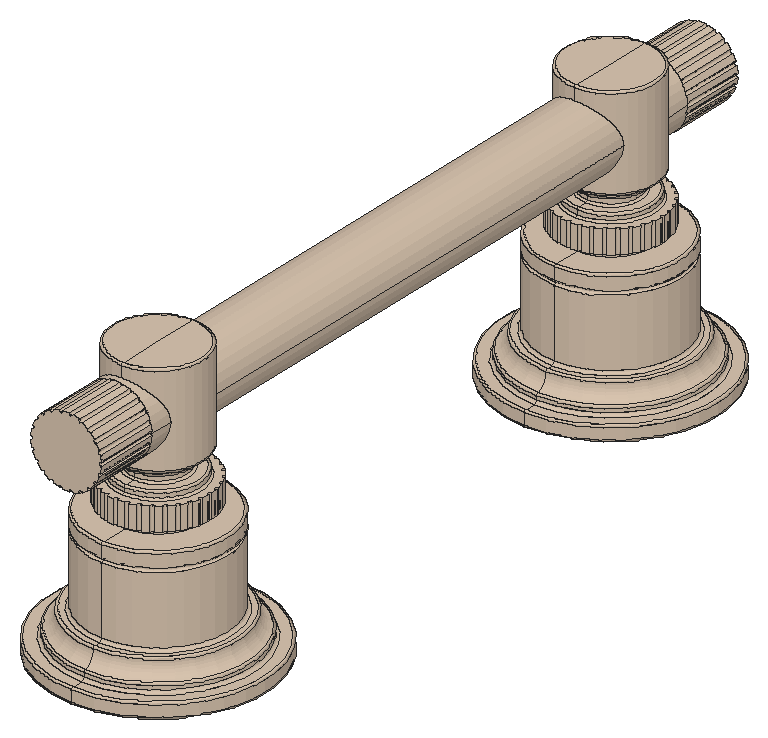
Revit family "Accessory-Door_Handle-KALLISTA-CENTRAL_PARK_WEST-P31487_1", category Specialty Equipment, host Face, Revit 2022
Family settings
  Host = Face
  Round Connector Dimension = Use Diameter
  Part Type = Normal
  OmniClass Number = 23.31.25.00
  OmniClass Title = Toilet and Bath Specialties
  Cut with Voids When Loaded = No
  Maintain Annotation Orientation = No
  Shared = No
  Room Calculation Point = No
Parameters (values of type "BAF-Brushed French Gold")
  Width = 2 73/256"  # constant formula
  WaterSense Certified = 1 = 0  # no
  URL = "https://www.kallista.com/"
  Type = 1
  Product Page URL = "https://www.kallista.com/bathroom/showering/shower-fittings/central-park-west-shower-door-handle-pull-6-p31487-pl-cp"
  Product Name = "CENTRAL PARK WEST"  # constant formula
  Product Documentation Link = "https://resources.kohler.com/interiors/kallista/pdf/1377365-4.pdf"
  Model = if(Type = 1, "P31487-PL-BAF", if(Type = 2, "P31487-PL-BN", if(Type = 3, "P31487-PL-BV", if(Type = 4, "P31487-PL-CP", if(Type = 5, "P31487-PL-SN", if(Type = 6, "P31487-PL-ULB", "NA"))))))  # "P31487-PL-BAF"
  Material = "Brass Construction"  # constant formula
  Master Format 2014 Name = "Toilet, Bath, and Laundry Accessories"  # constant formula
  Master Format 2014 = "10 28 00"  # constant formula
  Manufacturer Address = "444 Highland Dr, Kohler, WI 53044"  # constant formula
  Manufacturer = "KALLISTA Co."  # constant formula
  Length = 2 61/64"  # constant formula
  Height = 8 109/256"  # constant formula
  Finish = Kallista-Metal-BAF-Brushed_French_Gold
  Environmental Product Declaration = ""
  Description = "SHOWER DOOR HANDLE PULL, 6 INCH"  # constant formula
  Default Elevation = 42"
  Declare Label = ""
  Date Modified = "03/28/2022"  # constant formula
  Date Created = "03/28/2022"  # constant formula
  Copyright = "Copyright KALLISTA Co."  # constant formula
  Contact Us = "https://www.kallista.com/corporate/contact-us/"
  Assembly Code = "C1030200"
  ADA Compliant = 1 = 0  # no
Reference planes (in)
  plane 1 "Center (Front/Back)": y = 0
  plane 2: z = 0
  plane 3 "Center (Left/Right)": x = 0
  plane 4: x = 1.14173
  plane 5: x = -1.14342
  plane 6: y = 3
  plane 7: y = -3
  plane 8: y = 1.85827
  plane 9: y = 4.14173
  plane 10: y = 4.2126
  plane 11: y = -1.85827
  plane 12: y = -4.14173
  plane 13: y = -4.21318
  plane 14: z = 2.95312
  plane 15: z = 2.44094
Dimensions and locks (in)
  "Height": plane 13 to plane 10
  locked: plane 7 to nested 1 at 6
  "Width": plane 5 to plane 4
  "Length": plane 14 to level
  aligned and locked: plane 2 to host face
  aligned and locked: level to host face
Automatic sketch dimensions
  host sketch curve to host sketch curve = 96"  (x2)
Nested families (in)
  nested 1: "P31487" at (0, 3, 0), type "P31487"
Definition of nested family "P31487"
  Parameters (values of type "P31487")
    Material = none
    Default Elevation = 0"
  Reference planes (in)
    plane 1 "Center (Front/Back)": y = 0
    plane 2: z = 0
    plane 3 "Center (Left/Right)": x = 0
    plane 4: y = -6
    plane 5: x = -1.14173
    plane 6: x = 1.14173
    plane 7: y = 1.14173
    plane 8: y = -1.14173
    plane 9: y = -4.85827
    plane 10: y = -7.14173
    plane 11: y = 1.2126
    plane 12: y = -3
    plane 13: y = -7.2126
    plane 14: z = 2.44094
    plane 15: z = 2.95276
  Forms (in)
    Revolve 1, solid, material <- "Material", detail levels medium+fine
      sketch origin (0, 0, 0) x (0, 1, 0) y (0, 0, 1)
        loop
          arc (1.12205, 0) -> (1.13597, 0.00577) -> (1.14173, 0.01969) r 0.01969
          line (1.14173, 0.01969) -> (1.14173, 0.13762)
          arc (1.14173, 0.13762) -> (1.13597, 0.15154) -> (1.12205, 0.15731) r 0.01969
          line (1.12205, 0.15731) -> (1.00658, 0.15731)
          arc (1.00658, 0.15731) -> (0.9844, 0.16649) -> (0.97521, 0.18868) r 0.03137
          line (0.97521, 0.18868) -> (0.97521, 0.22599)
          arc (0.97521, 0.22599) -> (0.97046, 0.24084) -> (0.95797, 0.25018) r 0.02559
          arc (0.95797, 0.25018) -> (0.87984, 0.30993) -> (0.85297, 0.40454) r 0.15607
          arc (0.85297, 0.40454) -> (0.84752, 0.41901) -> (0.8333, 0.42509) r 0.01969
          line (0.8333, 0.42509) -> (0.77349, 0.42509)
          arc (0.77349, 0.42509) -> (0.75122, 0.43431) -> (0.742, 0.45658) r 0.0315
          line (0.742, 0.45658) -> (0.742, 1.17162)
          arc (0.742, 1.17162) -> (0.72174, 1.19194) -> (0.742, 1.21226) r 0.02032
          line (0.742, 1.21226) -> (0.742, 1.34736)
          arc (0.742, 1.34736) -> (0.73623, 1.36128) -> (0.72231, 1.36704) r 0.01969
          line (0.72231, 1.36704) -> (0.44004, 1.36704) -> (0.44004, 1.42935)
          arc (0.44004, 1.42935) -> (0.4458, 1.44327) -> (0.45972, 1.44904) r 0.01969
          line (0.45972, 1.44904) -> (0, 1.44904) -> (0, 0) -> (1.12205, 0)
        loop
          line (0, 2.95276) -> (0, 1.69406) -> (0.45971, 1.69406)
          arc (0.45971, 1.69406) -> (0.44579, 1.69983) -> (0.44003, 1.71375) r 0.01969
          line (0.44003, 1.71375) -> (0.44003, 1.75639)
          arc (0.44003, 1.75639) -> (0.43426, 1.77031) -> (0.42034, 1.77608) r 0.01969
          line (0.42034, 1.77608) -> (0.32335, 1.77608)
          arc (0.32335, 1.77608) -> (0.30943, 1.78184) -> (0.30366, 1.79576) r 0.01969
          line (0.30366, 1.79576) -> (0.30366, 1.86545)
          arc (0.30366, 1.86545) -> (0.30943, 1.87937) -> (0.32335, 1.88514) r 0.01969
          line (0.32335, 1.88514) -> (0.36447, 1.88514)
          arc (0.36447, 1.88514) -> (0.37839, 1.8909) -> (0.38416, 1.90482) r 0.01969
          line (0.38416, 1.90482) -> (0.38416, 1.9463)
          arc (0.38416, 1.9463) -> (0.38993, 1.96024) -> (0.40388, 1.96602) r 0.01972
          line (0.40388, 1.96602) -> (0.45886, 1.96602)
          arc (0.45886, 1.96602) -> (0.47275, 1.97177) -> (0.4785, 1.98566) r 0.01964
          line (0.4785, 1.98566) -> (0.4785, 2.93307)
          arc (0.4785, 2.93307) -> (0.47274, 2.94699) -> (0.45882, 2.95276) r 0.01969
          line (0.45882, 2.95276) -> (0, 2.95276)
        axis (0, 2.95276) -> (0, 0)
      angle from 0 to 360
    Revolve 2, solid, material <- "Material", detail levels medium+fine
      sketch origin (0, -6, 0) x (0, 1, 0) y (0, 0, 1)
        loop
          arc (1.12205, 0) -> (1.13597, 0.00577) -> (1.14173, 0.01969) r 0.01969
          line (1.14173, 0.01969) -> (1.14173, 0.13762)
          arc (1.14173, 0.13762) -> (1.13597, 0.15154) -> (1.12205, 0.15731) r 0.01969
          line (1.12205, 0.15731) -> (1.00658, 0.15731)
          arc (1.00658, 0.15731) -> (0.9844, 0.16649) -> (0.97521, 0.18868) r 0.03137
          line (0.97521, 0.18868) -> (0.97521, 0.22599)
          arc (0.97521, 0.22599) -> (0.97046, 0.24084) -> (0.95797, 0.25018) r 0.02559
          arc (0.95797, 0.25018) -> (0.87984, 0.30993) -> (0.85297, 0.40454) r 0.15607
          arc (0.85297, 0.40454) -> (0.84752, 0.41901) -> (0.8333, 0.42509) r 0.01969
          line (0.8333, 0.42509) -> (0.77349, 0.42509)
          arc (0.77349, 0.42509) -> (0.75122, 0.43431) -> (0.742, 0.45658) r 0.0315
          line (0.742, 0.45658) -> (0.742, 1.17162)
          arc (0.742, 1.17162) -> (0.72174, 1.19194) -> (0.742, 1.21226) r 0.02032
          line (0.742, 1.21226) -> (0.742, 1.34736)
          arc (0.742, 1.34736) -> (0.73623, 1.36128) -> (0.72231, 1.36704) r 0.01969
          line (0.72231, 1.36704) -> (0.44004, 1.36704) -> (0.44004, 1.42935)
          arc (0.44004, 1.42935) -> (0.4458, 1.44327) -> (0.45972, 1.44904) r 0.01969
          line (0.45972, 1.44904) -> (0, 1.44904) -> (0, 0) -> (1.12205, 0)
        loop
          line (0, 2.95276) -> (0, 1.69406) -> (0.45971, 1.69406)
          arc (0.45971, 1.69406) -> (0.44579, 1.69983) -> (0.44003, 1.71375) r 0.01969
          line (0.44003, 1.71375) -> (0.44003, 1.75639)
          arc (0.44003, 1.75639) -> (0.43426, 1.77031) -> (0.42034, 1.77608) r 0.01969
          line (0.42034, 1.77608) -> (0.32335, 1.77608)
          arc (0.32335, 1.77608) -> (0.30943, 1.78184) -> (0.30366, 1.79576) r 0.01969
          line (0.30366, 1.79576) -> (0.30366, 1.86545)
          arc (0.30366, 1.86545) -> (0.30943, 1.87937) -> (0.32335, 1.88514) r 0.01969
          line (0.32335, 1.88514) -> (0.36447, 1.88514)
          arc (0.36447, 1.88514) -> (0.37839, 1.8909) -> (0.38416, 1.90482) r 0.01969
          line (0.38416, 1.90482) -> (0.38416, 1.9463)
          arc (0.38416, 1.9463) -> (0.38993, 1.96024) -> (0.40388, 1.96602) r 0.01972
          line (0.40388, 1.96602) -> (0.45886, 1.96602)
          arc (0.45886, 1.96602) -> (0.47275, 1.97177) -> (0.4785, 1.98566) r 0.01964
          line (0.4785, 1.98566) -> (0.4785, 2.93307)
          arc (0.4785, 2.93307) -> (0.47274, 2.94699) -> (0.45882, 2.95276) r 0.01969
          line (0.45882, 2.95276) -> (0, 2.95276)
        axis (0, 2.95276) -> (0, 0)
      angle from 0 to 360
    Extrusion 3, solid, material <- "Material", detail levels medium+fine
      sketch origin (0, 0, 0) x (1, 0, 0) y (0, 1, 0)
        loop
          arc (0.55499, 0.01968) -> (0.55267, 0.05443) -> (0.54817, 0.08897) r 0.55534
          arc (0.54817, 0.08897) -> (0.52536, 0.1045) -> (0.54049, 0.12758) r 0.01969
          arc (0.54049, 0.12758) -> (0.53143, 0.16121) -> (0.52028, 0.1942) r 0.55534
          arc (0.52028, 0.1942) -> (0.49488, 0.20499) -> (0.50521, 0.23057) r 0.01969
          arc (0.50521, 0.23057) -> (0.48977, 0.26179) -> (0.47239, 0.29197) r 0.55534
          arc (0.47239, 0.29197) -> (0.44538, 0.29759) -> (0.45052, 0.3247) r 0.01969
          arc (0.45052, 0.3247) -> (0.42928, 0.3523) -> (0.40635, 0.37852) r 0.55534
          arc (0.40635, 0.37852) -> (0.37876, 0.37876) -> (0.37852, 0.40635) r 0.01969
          arc (0.37852, 0.40635) -> (0.3523, 0.42928) -> (0.3247, 0.45052) r 0.55534
          arc (0.3247, 0.45052) -> (0.29759, 0.44538) -> (0.29197, 0.47239) r 0.01969
          arc (0.29197, 0.47239) -> (0.26179, 0.48977) -> (0.23057, 0.50521) r 0.55534
          arc (0.23057, 0.50521) -> (0.20499, 0.49488) -> (0.1942, 0.52028) r 0.01969
          arc (0.1942, 0.52028) -> (0.16121, 0.53143) -> (0.12758, 0.54049) r 0.55534
          arc (0.12758, 0.54049) -> (0.1045, 0.52536) -> (0.08897, 0.54817) r 0.01969
          arc (0.08897, 0.54817) -> (0.05443, 0.55267) -> (0.01968, 0.55499) r 0.55534
          arc (0.01968, 0.55499) -> (0, 0.53565) -> (-0.01968, 0.55499) r 0.01969
          arc (-0.01968, 0.55499) -> (-0.05443, 0.55267) -> (-0.08897, 0.54817) r 0.55534
          arc (-0.08897, 0.54817) -> (-0.1045, 0.52536) -> (-0.12758, 0.54049) r 0.01969
          arc (-0.12758, 0.54049) -> (-0.16121, 0.53143) -> (-0.1942, 0.52028) r 0.55534
          arc (-0.1942, 0.52028) -> (-0.20499, 0.49488) -> (-0.23057, 0.50521) r 0.01969
          arc (-0.23057, 0.50521) -> (-0.26179, 0.48977) -> (-0.29197, 0.47239) r 0.55534
          arc (-0.29197, 0.47239) -> (-0.29759, 0.44538) -> (-0.3247, 0.45052) r 0.01969
          arc (-0.3247, 0.45052) -> (-0.3523, 0.42928) -> (-0.37852, 0.40635) r 0.55534
          arc (-0.37852, 0.40635) -> (-0.37876, 0.37876) -> (-0.40635, 0.37852) r 0.01969
          arc (-0.40635, 0.37852) -> (-0.42928, 0.3523) -> (-0.45052, 0.3247) r 0.55534
          arc (-0.45052, 0.3247) -> (-0.44538, 0.29759) -> (-0.47239, 0.29197) r 0.01969
          arc (-0.47239, 0.29197) -> (-0.48977, 0.26179) -> (-0.50521, 0.23057) r 0.55534
          arc (-0.50521, 0.23057) -> (-0.49488, 0.20499) -> (-0.52028, 0.1942) r 0.01969
          arc (-0.52028, 0.1942) -> (-0.53143, 0.16121) -> (-0.54049, 0.12758) r 0.55534
          arc (-0.54049, 0.12758) -> (-0.52536, 0.1045) -> (-0.54817, 0.08897) r 0.01969
          arc (-0.54817, 0.08897) -> (-0.55267, 0.05443) -> (-0.55499, 0.01968) r 0.55534
          arc (-0.55499, 0.01968) -> (-0.53565, 0) -> (-0.55499, -0.01968) r 0.01969
          arc (-0.55499, -0.01968) -> (-0.55267, -0.05443) -> (-0.54817, -0.08897) r 0.55534
          arc (-0.54817, -0.08897) -> (-0.52536, -0.1045) -> (-0.54049, -0.12758) r 0.01969
          arc (-0.54049, -0.12758) -> (-0.53143, -0.16121) -> (-0.52028, -0.1942) r 0.55534
          arc (-0.52028, -0.1942) -> (-0.49488, -0.20499) -> (-0.50521, -0.23057) r 0.01969
          arc (-0.50521, -0.23057) -> (-0.48977, -0.26179) -> (-0.47239, -0.29197) r 0.55534
          arc (-0.47239, -0.29197) -> (-0.44538, -0.29759) -> (-0.45052, -0.3247) r 0.01969
          arc (-0.45052, -0.3247) -> (-0.42928, -0.3523) -> (-0.40635, -0.37852) r 0.55534
          arc (-0.40635, -0.37852) -> (-0.37876, -0.37876) -> (-0.37852, -0.40635) r 0.01969
          arc (-0.37852, -0.40635) -> (-0.3523, -0.42928) -> (-0.3247, -0.45052) r 0.55534
          arc (-0.3247, -0.45052) -> (-0.29759, -0.44538) -> (-0.29197, -0.47239) r 0.01969
          arc (-0.29197, -0.47239) -> (-0.26179, -0.48977) -> (-0.23057, -0.50521) r 0.55534
          arc (-0.23057, -0.50521) -> (-0.20499, -0.49488) -> (-0.1942, -0.52028) r 0.01969
          arc (-0.1942, -0.52028) -> (-0.16121, -0.53143) -> (-0.12758, -0.54049) r 0.55534
          arc (-0.12758, -0.54049) -> (-0.1045, -0.52536) -> (-0.08897, -0.54817) r 0.01969
          arc (-0.08897, -0.54817) -> (-0.05443, -0.55267) -> (-0.01968, -0.55499) r 0.55534
          arc (-0.01968, -0.55499) -> (0, -0.53565) -> (0.01968, -0.55499) r 0.01969
          arc (0.01968, -0.55499) -> (0.05443, -0.55267) -> (0.08897, -0.54817) r 0.55534
          arc (0.08897, -0.54817) -> (0.1045, -0.52536) -> (0.12758, -0.54049) r 0.01969
          arc (0.12758, -0.54049) -> (0.16121, -0.53143) -> (0.1942, -0.52028) r 0.55534
          arc (0.1942, -0.52028) -> (0.20499, -0.49488) -> (0.23057, -0.50521) r 0.01969
          arc (0.23057, -0.50521) -> (0.26179, -0.48977) -> (0.29197, -0.47239) r 0.55534
          arc (0.29197, -0.47239) -> (0.29759, -0.44538) -> (0.3247, -0.45052) r 0.01969
          arc (0.3247, -0.45052) -> (0.3523, -0.42928) -> (0.37852, -0.40635) r 0.55534
          arc (0.37852, -0.40635) -> (0.37876, -0.37876) -> (0.40635, -0.37852) r 0.01969
          arc (0.40635, -0.37852) -> (0.42928, -0.3523) -> (0.45052, -0.3247) r 0.55534
          arc (0.45052, -0.3247) -> (0.44538, -0.29759) -> (0.47239, -0.29197) r 0.01969
          arc (0.47239, -0.29197) -> (0.48977, -0.26179) -> (0.50521, -0.23057) r 0.55534
          arc (0.50521, -0.23057) -> (0.49488, -0.20499) -> (0.52028, -0.1942) r 0.01969
          arc (0.52028, -0.1942) -> (0.53143, -0.16121) -> (0.54049, -0.12758) r 0.55534
          arc (0.54049, -0.12758) -> (0.52536, -0.1045) -> (0.54817, -0.08897) r 0.01969
          arc (0.54817, -0.08897) -> (0.55267, -0.05443) -> (0.55499, -0.01968) r 0.55534
          arc (0.55499, -0.01968) -> (0.53565, 0) -> (0.55499, 0.01968) r 0.01969
        loop
          arc (0.55499, -5.98032) -> (0.55267, -5.94557) -> (0.54817, -5.91103) r 0.55534
          arc (0.54817, -5.91103) -> (0.52536, -5.8955) -> (0.54049, -5.87242) r 0.01969
          arc (0.54049, -5.87242) -> (0.53143, -5.83879) -> (0.52028, -5.8058) r 0.55534
          arc (0.52028, -5.8058) -> (0.49488, -5.79501) -> (0.50521, -5.76943) r 0.01969
          arc (0.50521, -5.76943) -> (0.48977, -5.73821) -> (0.47239, -5.70803) r 0.55534
          arc (0.47239, -5.70803) -> (0.44538, -5.70241) -> (0.45052, -5.6753) r 0.01969
          arc (0.45052, -5.6753) -> (0.42928, -5.6477) -> (0.40635, -5.62148) r 0.55534
          arc (0.40635, -5.62148) -> (0.37876, -5.62124) -> (0.37852, -5.59365) r 0.01969
          arc (0.37852, -5.59365) -> (0.3523, -5.57072) -> (0.3247, -5.54948) r 0.55534
          arc (0.3247, -5.54948) -> (0.29759, -5.55462) -> (0.29197, -5.52761) r 0.01969
          arc (0.29197, -5.52761) -> (0.26179, -5.51023) -> (0.23057, -5.49479) r 0.55534
          arc (0.23057, -5.49479) -> (0.20499, -5.50512) -> (0.1942, -5.47972) r 0.01969
          arc (0.1942, -5.47972) -> (0.16121, -5.46857) -> (0.12758, -5.45951) r 0.55534
          arc (0.12758, -5.45951) -> (0.1045, -5.47464) -> (0.08897, -5.45183) r 0.01969
          arc (0.08897, -5.45183) -> (0.05443, -5.44733) -> (0.01968, -5.44501) r 0.55534
          arc (0.01968, -5.44501) -> (0, -5.46435) -> (-0.01968, -5.44501) r 0.01969
          arc (-0.01968, -5.44501) -> (-0.05443, -5.44733) -> (-0.08897, -5.45183) r 0.55534
          arc (-0.08897, -5.45183) -> (-0.1045, -5.47464) -> (-0.12758, -5.45951) r 0.01969
          arc (-0.12758, -5.45951) -> (-0.16121, -5.46857) -> (-0.1942, -5.47972) r 0.55534
          arc (-0.1942, -5.47972) -> (-0.20499, -5.50512) -> (-0.23057, -5.49479) r 0.01969
          arc (-0.23057, -5.49479) -> (-0.26179, -5.51023) -> (-0.29197, -5.52761) r 0.55534
          arc (-0.29197, -5.52761) -> (-0.29759, -5.55462) -> (-0.3247, -5.54948) r 0.01969
          arc (-0.3247, -5.54948) -> (-0.3523, -5.57072) -> (-0.37852, -5.59365) r 0.55534
          arc (-0.37852, -5.59365) -> (-0.37876, -5.62124) -> (-0.40635, -5.62148) r 0.01969
          arc (-0.40635, -5.62148) -> (-0.42928, -5.6477) -> (-0.45052, -5.6753) r 0.55534
          arc (-0.45052, -5.6753) -> (-0.44538, -5.70241) -> (-0.47239, -5.70803) r 0.01969
          arc (-0.47239, -5.70803) -> (-0.48977, -5.73821) -> (-0.50521, -5.76943) r 0.55534
          arc (-0.50521, -5.76943) -> (-0.49488, -5.79501) -> (-0.52028, -5.8058) r 0.01969
          arc (-0.52028, -5.8058) -> (-0.53143, -5.83879) -> (-0.54049, -5.87242) r 0.55534
          arc (-0.54049, -5.87242) -> (-0.52536, -5.8955) -> (-0.54817, -5.91103) r 0.01969
          arc (-0.54817, -5.91103) -> (-0.55267, -5.94557) -> (-0.55499, -5.98032) r 0.55534
          arc (-0.55499, -5.98032) -> (-0.53565, -6) -> (-0.55499, -6.01968) r 0.01969
          arc (-0.55499, -6.01968) -> (-0.55267, -6.05443) -> (-0.54817, -6.08897) r 0.55534
          arc (-0.54817, -6.08897) -> (-0.52536, -6.1045) -> (-0.54049, -6.12758) r 0.01969
          arc (-0.54049, -6.12758) -> (-0.53143, -6.16121) -> (-0.52028, -6.1942) r 0.55534
          arc (-0.52028, -6.1942) -> (-0.49488, -6.20499) -> (-0.50521, -6.23057) r 0.01969
          arc (-0.50521, -6.23057) -> (-0.48977, -6.26179) -> (-0.47239, -6.29197) r 0.55534
          arc (-0.47239, -6.29197) -> (-0.44538, -6.29759) -> (-0.45052, -6.3247) r 0.01969
          arc (-0.45052, -6.3247) -> (-0.42928, -6.3523) -> (-0.40635, -6.37852) r 0.55534
          arc (-0.40635, -6.37852) -> (-0.37876, -6.37876) -> (-0.37852, -6.40635) r 0.01969
          arc (-0.37852, -6.40635) -> (-0.3523, -6.42928) -> (-0.3247, -6.45052) r 0.55534
          arc (-0.3247, -6.45052) -> (-0.29759, -6.44538) -> (-0.29197, -6.47239) r 0.01969
          arc (-0.29197, -6.47239) -> (-0.26179, -6.48977) -> (-0.23057, -6.50521) r 0.55534
          arc (-0.23057, -6.50521) -> (-0.20499, -6.49488) -> (-0.1942, -6.52028) r 0.01969
          arc (-0.1942, -6.52028) -> (-0.16121, -6.53143) -> (-0.12758, -6.54049) r 0.55534
          arc (-0.12758, -6.54049) -> (-0.1045, -6.52536) -> (-0.08897, -6.54817) r 0.01969
          arc (-0.08897, -6.54817) -> (-0.05443, -6.55267) -> (-0.01968, -6.55499) r 0.55534
          arc (-0.01968, -6.55499) -> (0, -6.53565) -> (0.01968, -6.55499) r 0.01969
          arc (0.01968, -6.55499) -> (0.05443, -6.55267) -> (0.08897, -6.54817) r 0.55534
          arc (0.08897, -6.54817) -> (0.1045, -6.52536) -> (0.12758, -6.54049) r 0.01969
          arc (0.12758, -6.54049) -> (0.16121, -6.53143) -> (0.1942, -6.52028) r 0.55534
          arc (0.1942, -6.52028) -> (0.20499, -6.49488) -> (0.23057, -6.50521) r 0.01969
          arc (0.23057, -6.50521) -> (0.26179, -6.48977) -> (0.29197, -6.47239) r 0.55534
          arc (0.29197, -6.47239) -> (0.29759, -6.44538) -> (0.3247, -6.45052) r 0.01969
          arc (0.3247, -6.45052) -> (0.3523, -6.42928) -> (0.37852, -6.40635) r 0.55534
          arc (0.37852, -6.40635) -> (0.37876, -6.37876) -> (0.40635, -6.37852) r 0.01969
          arc (0.40635, -6.37852) -> (0.42928, -6.3523) -> (0.45052, -6.3247) r 0.55534
          arc (0.45052, -6.3247) -> (0.44538, -6.29759) -> (0.47239, -6.29197) r 0.01969
          arc (0.47239, -6.29197) -> (0.48977, -6.26179) -> (0.50521, -6.23057) r 0.55534
          arc (0.50521, -6.23057) -> (0.49488, -6.20499) -> (0.52028, -6.1942) r 0.01969
          arc (0.52028, -6.1942) -> (0.53143, -6.16121) -> (0.54049, -6.12758) r 0.55534
          arc (0.54049, -6.12758) -> (0.52536, -6.1045) -> (0.54817, -6.08897) r 0.01969
          arc (0.54817, -6.08897) -> (0.55267, -6.05443) -> (0.55499, -6.01968) r 0.55534
          arc (0.55499, -6.01968) -> (0.53565, -6) -> (0.55499, -5.98032) r 0.01969
      from 1.44904 to 1.69406
    Extrusion 4, solid, material <- "Material", detail levels medium+fine
      sketch origin (0, 0, 0) x (1, 0, 0) y (0, 0, 1)
        loop
          arc (0.3735, 2.46062) -> (0.37021, 2.49416) -> (0.36392, 2.52727) r 0.37402
          arc (0.36392, 2.52727) -> (0.33998, 2.54075) -> (0.35283, 2.56503) r 0.01969
          arc (0.35283, 2.56503) -> (0.34023, 2.59628) -> (0.32487, 2.62628) r 0.37402
          arc (0.32487, 2.62628) -> (0.29811, 2.63247) -> (0.3036, 2.65939) r 0.01969
          arc (0.3036, 2.65939) -> (0.2827, 2.68583) -> (0.25951, 2.71028) r 0.37402
          arc (0.25951, 2.71028) -> (0.23209, 2.70869) -> (0.22977, 2.73606) r 0.01969
          arc (0.22977, 2.73606) -> (0.20228, 2.75554) -> (0.17314, 2.77247) r 0.37402
          arc (0.17314, 2.77247) -> (0.14728, 2.76322) -> (0.13734, 2.78883) r 0.01969
          arc (0.13734, 2.78883) -> (0.10547, 2.79978) -> (0.07275, 2.80782) r 0.37402
          arc (0.07275, 2.80782) -> (0.05054, 2.79165) -> (0.03379, 2.81343) r 0.01969
          arc (0.03379, 2.81343) -> (0, 2.81496) -> (-0.03379, 2.81343) r 0.37402
          arc (-0.03379, 2.81343) -> (-0.05054, 2.79165) -> (-0.07275, 2.80782) r 0.01969
          arc (-0.07275, 2.80782) -> (-0.10547, 2.79978) -> (-0.13734, 2.78883) r 0.37402
          arc (-0.13734, 2.78883) -> (-0.14728, 2.76322) -> (-0.17314, 2.77247) r 0.01969
          arc (-0.17314, 2.77247) -> (-0.20228, 2.75554) -> (-0.22977, 2.73606) r 0.37402
          arc (-0.22977, 2.73606) -> (-0.23209, 2.70869) -> (-0.25951, 2.71028) r 0.01969
          arc (-0.25951, 2.71028) -> (-0.2827, 2.68583) -> (-0.3036, 2.65939) r 0.37402
          arc (-0.3036, 2.65939) -> (-0.29811, 2.63247) -> (-0.32487, 2.62628) r 0.01969
          arc (-0.32487, 2.62628) -> (-0.34023, 2.59628) -> (-0.35283, 2.56503) r 0.37402
          arc (-0.35283, 2.56503) -> (-0.33998, 2.54075) -> (-0.36392, 2.52727) r 0.01969
          arc (-0.36392, 2.52727) -> (-0.37021, 2.49416) -> (-0.3735, 2.46062) r 0.37402
          arc (-0.3735, 2.46062) -> (-0.35433, 2.44094) -> (-0.3735, 2.42127) r 0.01969
          arc (-0.3735, 2.42127) -> (-0.37021, 2.38773) -> (-0.36392, 2.35462) r 0.37402
          arc (-0.36392, 2.35462) -> (-0.33998, 2.34114) -> (-0.35283, 2.31686) r 0.01969
          arc (-0.35283, 2.31686) -> (-0.34023, 2.28561) -> (-0.32487, 2.25561) r 0.37402
          arc (-0.32487, 2.25561) -> (-0.29811, 2.24942) -> (-0.3036, 2.2225) r 0.01969
          arc (-0.3036, 2.2225) -> (-0.2827, 2.19606) -> (-0.25951, 2.17161) r 0.37402
          arc (-0.25951, 2.17161) -> (-0.23209, 2.1732) -> (-0.22977, 2.14583) r 0.01969
          arc (-0.22977, 2.14583) -> (-0.20228, 2.12635) -> (-0.17314, 2.10942) r 0.37402
          arc (-0.17314, 2.10942) -> (-0.14728, 2.11867) -> (-0.13734, 2.09306) r 0.01969
          arc (-0.13734, 2.09306) -> (-0.10547, 2.08211) -> (-0.07275, 2.07407) r 0.37402
          arc (-0.07275, 2.07407) -> (-0.05054, 2.09024) -> (-0.03379, 2.06846) r 0.01969
          arc (-0.03379, 2.06846) -> (0, 2.06693) -> (0.03379, 2.06846) r 0.37402
          arc (0.03379, 2.06846) -> (0.05054, 2.09024) -> (0.07275, 2.07407) r 0.01969
          arc (0.07275, 2.07407) -> (0.10547, 2.08211) -> (0.13734, 2.09306) r 0.37402
          arc (0.13734, 2.09306) -> (0.14728, 2.11867) -> (0.17314, 2.10942) r 0.01969
          arc (0.17314, 2.10942) -> (0.20228, 2.12635) -> (0.22977, 2.14583) r 0.37402
          arc (0.22977, 2.14583) -> (0.23209, 2.1732) -> (0.25951, 2.17161) r 0.01969
          arc (0.25951, 2.17161) -> (0.2827, 2.19606) -> (0.3036, 2.2225) r 0.37402
          arc (0.3036, 2.2225) -> (0.29811, 2.24942) -> (0.32487, 2.25561) r 0.01969
          arc (0.32487, 2.25561) -> (0.34023, 2.28561) -> (0.35283, 2.31686) r 0.37402
          arc (0.35283, 2.31686) -> (0.33998, 2.34114) -> (0.36392, 2.35462) r 0.01969
          arc (0.36392, 2.35462) -> (0.37021, 2.38773) -> (0.3735, 2.42127) r 0.37402
          arc (0.3735, 2.42127) -> (0.35433, 2.44094) -> (0.3735, 2.46062) r 0.01969
      from -1.2126 to -0.54665
    Extrusion 5, solid, material <- "Material", detail levels medium+fine
      sketch origin (0, -6, 0) x (1, 0, 0) y (0, 0, -1)
        loop
          arc (0.3735, -2.46062) -> (0.35433, -2.44094) -> (0.3735, -2.42127) r 0.01969
          arc (0.3735, -2.42127) -> (0.37021, -2.38773) -> (0.36392, -2.35462) r 0.37402
          arc (0.36392, -2.35462) -> (0.33998, -2.34114) -> (0.35283, -2.31686) r 0.01969
          arc (0.35283, -2.31686) -> (0.34023, -2.28561) -> (0.32487, -2.25561) r 0.37402
          arc (0.32487, -2.25561) -> (0.29811, -2.24942) -> (0.3036, -2.2225) r 0.01969
          arc (0.3036, -2.2225) -> (0.2827, -2.19606) -> (0.25951, -2.17161) r 0.37402
          arc (0.25951, -2.17161) -> (0.23209, -2.1732) -> (0.22977, -2.14583) r 0.01969
          arc (0.22977, -2.14583) -> (0.20228, -2.12635) -> (0.17314, -2.10942) r 0.37402
          arc (0.17314, -2.10942) -> (0.14728, -2.11867) -> (0.13734, -2.09306) r 0.01969
          arc (0.13734, -2.09306) -> (0.10547, -2.08211) -> (0.07275, -2.07407) r 0.37402
          arc (0.07275, -2.07407) -> (0.05054, -2.09024) -> (0.03379, -2.06846) r 0.01969
          arc (0.03379, -2.06846) -> (0, -2.06693) -> (-0.03379, -2.06846) r 0.37402
          arc (-0.03379, -2.06846) -> (-0.05054, -2.09024) -> (-0.07275, -2.07407) r 0.01969
          arc (-0.07275, -2.07407) -> (-0.10547, -2.08211) -> (-0.13734, -2.09306) r 0.37402
          arc (-0.13734, -2.09306) -> (-0.14728, -2.11867) -> (-0.17314, -2.10942) r 0.01969
          arc (-0.17314, -2.10942) -> (-0.20228, -2.12635) -> (-0.22977, -2.14583) r 0.37402
          arc (-0.22977, -2.14583) -> (-0.23209, -2.1732) -> (-0.25951, -2.17161) r 0.01969
          arc (-0.25951, -2.17161) -> (-0.2827, -2.19606) -> (-0.3036, -2.2225) r 0.37402
          arc (-0.3036, -2.2225) -> (-0.29811, -2.24942) -> (-0.32487, -2.25561) r 0.01969
          arc (-0.32487, -2.25561) -> (-0.34023, -2.28561) -> (-0.35283, -2.31686) r 0.37402
          arc (-0.35283, -2.31686) -> (-0.33998, -2.34114) -> (-0.36392, -2.35462) r 0.01969
          arc (-0.36392, -2.35462) -> (-0.37021, -2.38773) -> (-0.3735, -2.42127) r 0.37402
          arc (-0.3735, -2.42127) -> (-0.35433, -2.44094) -> (-0.3735, -2.46062) r 0.01969
          arc (-0.3735, -2.46062) -> (-0.37021, -2.49416) -> (-0.36392, -2.52727) r 0.37402
          arc (-0.36392, -2.52727) -> (-0.33998, -2.54075) -> (-0.35283, -2.56503) r 0.01969
          arc (-0.35283, -2.56503) -> (-0.34023, -2.59628) -> (-0.32487, -2.62628) r 0.37402
          arc (-0.32487, -2.62628) -> (-0.29811, -2.63247) -> (-0.3036, -2.65939) r 0.01969
          arc (-0.3036, -2.65939) -> (-0.2827, -2.68583) -> (-0.25951, -2.71028) r 0.37402
          arc (-0.25951, -2.71028) -> (-0.23209, -2.70869) -> (-0.22977, -2.73606) r 0.01969
          arc (-0.22977, -2.73606) -> (-0.20228, -2.75554) -> (-0.17314, -2.77247) r 0.37402
          arc (-0.17314, -2.77247) -> (-0.14728, -2.76322) -> (-0.13734, -2.78883) r 0.01969
          arc (-0.13734, -2.78883) -> (-0.10547, -2.79978) -> (-0.07275, -2.80782) r 0.37402
          arc (-0.07275, -2.80782) -> (-0.05054, -2.79165) -> (-0.03379, -2.81343) r 0.01969
          arc (-0.03379, -2.81343) -> (0, -2.81496) -> (0.03379, -2.81343) r 0.37402
          arc (0.03379, -2.81343) -> (0.05054, -2.79165) -> (0.07275, -2.80782) r 0.01969
          arc (0.07275, -2.80782) -> (0.10547, -2.79978) -> (0.13734, -2.78883) r 0.37402
          arc (0.13734, -2.78883) -> (0.14728, -2.76322) -> (0.17314, -2.77247) r 0.01969
          arc (0.17314, -2.77247) -> (0.20228, -2.75554) -> (0.22977, -2.73606) r 0.37402
          arc (0.22977, -2.73606) -> (0.23209, -2.70869) -> (0.25951, -2.71028) r 0.01969
          arc (0.25951, -2.71028) -> (0.2827, -2.68583) -> (0.3036, -2.65939) r 0.37402
          arc (0.3036, -2.65939) -> (0.29811, -2.63247) -> (0.32487, -2.62628) r 0.01969
          arc (0.32487, -2.62628) -> (0.34023, -2.59628) -> (0.35283, -2.56503) r 0.37402
          arc (0.35283, -2.56503) -> (0.33998, -2.54075) -> (0.36392, -2.52727) r 0.01969
          arc (0.36392, -2.52727) -> (0.37021, -2.49416) -> (0.3735, -2.46062) r 0.37402
      from -1.2126 to -0.54665
    Extrusion 6, solid, material <- "Material", detail levels medium+fine
      sketch origin (0, 0, 0) x (1, 0, 0) y (0, 0, 1)
        loop
          circle (0, 2.44094) r 0.37402
      from -0.54665 to 6.54665
    Revolve 7, solid, material <- "Material", detail levels coarse
      sketch origin (0, 0, 0) x (0, 1, 0) y (0, 0, 1)
        loop
          line (0, 2.95276) -> (0, 0) -> (1.14173, 0) -> (1.14173, 0.15731) -> (1.00658, 0.15731) -> (0.8333, 0.42509) -> (0.742, 0.42509) -> (0.742, 1.36704) -> (0.4785, 1.36704) -> (0.4785, 2.95276) -> (0, 2.95276)
        axis (0, 2.95276) -> (0, 0)
      angle from 0 to 360
    Revolve 8, solid, material <- "Material", detail levels coarse
      sketch origin (0, -6, 0) x (0, -1, 0) y (0, 0, -1)
        loop
          line (0, -2.95276) -> (0.4785, -2.95276) -> (0.4785, -1.36704) -> (0.742, -1.36704) -> (0.742, -0.42509) -> (0.8333, -0.42509) -> (1.00658, -0.15731) -> (1.14173, -0.15731) -> (1.14173, 0) -> (0, 0) -> (0, -2.95276)
        axis (0, -2.95276) -> (0, 0)
      angle from 0 to 360
    Extrusion 9, solid, material <- "Material", detail levels coarse
      sketch origin (0, 0, 0) x (1, 0, 0) y (0, 0, 1)
        loop
          circle (0, 2.44094) r 0.37402
      from -1.2126 to 7.2126
  Cuts and joins
    joined: Revolve 1, Revolve 2, Extrusion 3, Extrusion 4, Extrusion 5, Extrusion 6
    joined: Revolve 7, Revolve 8, Extrusion 9
  Lines and regions (in)
    Masking region 1
      outline origin (0, 0, 0) x (0, 1, 0) y (0, 0, 1)
        loop
          arc (1.12205, 0) -> (1.13597, 0.00577) -> (1.14173, 0.01969) r 0.01969
          line (1.14173, 0.01969) -> (1.14173, 0.13762)
          arc (1.14173, 0.13762) -> (1.13597, 0.15154) -> (1.12205, 0.15731) r 0.01969
          line (1.12205, 0.15731) -> (1.00658, 0.15731)
          arc (1.00658, 0.15731) -> (0.9844, 0.16649) -> (0.97521, 0.18868) r 0.03137
          line (0.97521, 0.18868) -> (0.97521, 0.22599)
          arc (0.97521, 0.22599) -> (0.97046, 0.24084) -> (0.95797, 0.25018) r 0.02559
          arc (0.95797, 0.25018) -> (0.87984, 0.30993) -> (0.85297, 0.40454) r 0.15607
          arc (0.85297, 0.40454) -> (0.84752, 0.41901) -> (0.8333, 0.42509) r 0.01969
          line (0.8333, 0.42509) -> (0.77349, 0.42509)
          arc (0.77349, 0.42509) -> (0.75122, 0.43431) -> (0.742, 0.45658) r 0.0315
          line (0.742, 0.45658) -> (0.742, 1.17162)
          arc (0.742, 1.17162) -> (0.72174, 1.19194) -> (0.742, 1.21226) r 0.02032
          line (0.742, 1.21226) -> (0.742, 1.34736)
          arc (0.742, 1.34736) -> (0.73623, 1.36128) -> (0.72231, 1.36704) r 0.01969
          line (0.72231, 1.36704) -> (0.44004, 1.36704) -> (0.44004, 1.42935)
          arc (0.44004, 1.42935) -> (0.4458, 1.44327) -> (0.45972, 1.44904) r 0.01969
          line (0.45972, 1.44904) -> (0.55499, 1.44904) -> (0.55499, 1.69406) -> (0.45971, 1.69406)
          arc (0.45971, 1.69406) -> (0.44579, 1.69983) -> (0.44003, 1.71375) r 0.01969
          line (0.44003, 1.71375) -> (0.44003, 1.75639)
          arc (0.44003, 1.75639) -> (0.43426, 1.77031) -> (0.42034, 1.77608) r 0.01969
          line (0.42034, 1.77608) -> (0.32335, 1.77608)
          arc (0.32335, 1.77608) -> (0.30943, 1.78184) -> (0.30366, 1.79576) r 0.01969
          line (0.30366, 1.79576) -> (0.30366, 1.86545)
          arc (0.30366, 1.86545) -> (0.30943, 1.87937) -> (0.32335, 1.88514) r 0.01969
          line (0.32335, 1.88514) -> (0.36447, 1.88514)
          arc (0.36447, 1.88514) -> (0.37839, 1.8909) -> (0.38416, 1.90482) r 0.01969
          line (0.38416, 1.90482) -> (0.38416, 1.9463)
          arc (0.38416, 1.9463) -> (0.38993, 1.96024) -> (0.40388, 1.96602) r 0.01972
          line (0.40388, 1.96602) -> (0.45886, 1.96602)
          arc (0.45886, 1.96602) -> (0.47275, 1.97177) -> (0.4785, 1.98566) r 0.01964
          line (0.4785, 1.98566) -> (0.4785, 2.06693) -> (1.2126, 2.06693) -> (1.2126, 2.81496) -> (0.4785, 2.81496) -> (0.4785, 2.93307)
          arc (0.4785, 2.93307) -> (0.47274, 2.94699) -> (0.45882, 2.95276) r 0.01969
          line (0.45882, 2.95276) -> (-0.45882, 2.95276)
          arc (-0.45882, 2.95276) -> (-0.47274, 2.94699) -> (-0.4785, 2.93307) r 0.01969
          line (-0.4785, 2.93307) -> (-0.4785, 2.81496) -> (-5.5215, 2.81496) -> (-5.5215, 2.93307)
          arc (-5.5215, 2.93307) -> (-5.52726, 2.94699) -> (-5.54118, 2.95276) r 0.01969
          line (-5.54118, 2.95276) -> (-6.45882, 2.95276)
          arc (-6.45882, 2.95276) -> (-6.47274, 2.94699) -> (-6.4785, 2.93307) r 0.01969
          line (-6.4785, 2.93307) -> (-6.4785, 2.81496) -> (-7.2126, 2.81496) -> (-7.2126, 2.06693) -> (-6.4785, 2.06693) -> (-6.4785, 1.98566)
          arc (-6.4785, 1.98566) -> (-6.47275, 1.97177) -> (-6.45886, 1.96602) r 0.01964
          line (-6.45886, 1.96602) -> (-6.40388, 1.96602)
          arc (-6.40388, 1.96602) -> (-6.38993, 1.96024) -> (-6.38416, 1.9463) r 0.01972
          line (-6.38416, 1.9463) -> (-6.38416, 1.90482)
          arc (-6.38416, 1.90482) -> (-6.37839, 1.8909) -> (-6.36447, 1.88514) r 0.01969
          line (-6.36447, 1.88514) -> (-6.32335, 1.88514)
          arc (-6.32335, 1.88514) -> (-6.30943, 1.87937) -> (-6.30366, 1.86545) r 0.01969
          line (-6.30366, 1.86545) -> (-6.30366, 1.79576)
          arc (-6.30366, 1.79576) -> (-6.30943, 1.78184) -> (-6.32335, 1.77608) r 0.01969
          line (-6.32335, 1.77608) -> (-6.42034, 1.77608)
          arc (-6.42034, 1.77608) -> (-6.43426, 1.77031) -> (-6.44003, 1.75639) r 0.01969
          line (-6.44003, 1.75639) -> (-6.44003, 1.71375)
          arc (-6.44003, 1.71375) -> (-6.44579, 1.69983) -> (-6.45971, 1.69406) r 0.01969
          line (-6.45971, 1.69406) -> (-6.55499, 1.69406) -> (-6.55499, 1.44904) -> (-6.45972, 1.44904)
          arc (-6.45972, 1.44904) -> (-6.4458, 1.44327) -> (-6.44004, 1.42935) r 0.01969
          line (-6.44004, 1.42935) -> (-6.44004, 1.36704) -> (-6.72231, 1.36704)
          arc (-6.72231, 1.36704) -> (-6.73623, 1.36128) -> (-6.742, 1.34736) r 0.01969
          line (-6.742, 1.34736) -> (-6.742, 1.21226)
          arc (-6.742, 1.21226) -> (-6.72174, 1.19194) -> (-6.742, 1.17162) r 0.02032
          line (-6.742, 1.17162) -> (-6.742, 0.45658)
          arc (-6.742, 0.45658) -> (-6.75122, 0.43431) -> (-6.77349, 0.42509) r 0.0315
          line (-6.77349, 0.42509) -> (-6.8333, 0.42509)
          arc (-6.8333, 0.42509) -> (-6.84752, 0.41901) -> (-6.85297, 0.40454) r 0.01969
          arc (-6.85297, 0.40454) -> (-6.87984, 0.30993) -> (-6.95797, 0.25018) r 0.15607
          arc (-6.95797, 0.25018) -> (-6.97046, 0.24084) -> (-6.97521, 0.22599) r 0.02559
          line (-6.97521, 0.22599) -> (-6.97521, 0.18868)
          arc (-6.97521, 0.18868) -> (-6.9844, 0.16649) -> (-7.00658, 0.15731) r 0.03137
          line (-7.00658, 0.15731) -> (-7.12205, 0.15731)
          arc (-7.12205, 0.15731) -> (-7.13597, 0.15154) -> (-7.14173, 0.13762) r 0.01969
          line (-7.14173, 0.13762) -> (-7.14173, 0.01969)
          arc (-7.14173, 0.01969) -> (-7.13597, 0.00577) -> (-7.12205, 0) r 0.01969
          line (-7.12205, 0) -> (-4.87795, 0)
          arc (-4.87795, 0) -> (-4.86403, 0.00577) -> (-4.85827, 0.01969) r 0.01969
          line (-4.85827, 0.01969) -> (-4.85827, 0.13762)
          arc (-4.85827, 0.13762) -> (-4.86403, 0.15154) -> (-4.87795, 0.15731) r 0.01969
          line (-4.87795, 0.15731) -> (-4.99342, 0.15731)
          arc (-4.99342, 0.15731) -> (-5.0156, 0.16649) -> (-5.02479, 0.18868) r 0.03137
          line (-5.02479, 0.18868) -> (-5.02479, 0.22599)
          arc (-5.02479, 0.22599) -> (-5.02954, 0.24084) -> (-5.04203, 0.25018) r 0.02559
          arc (-5.04203, 0.25018) -> (-5.12016, 0.30993) -> (-5.14703, 0.40454) r 0.15607
          arc (-5.14703, 0.40454) -> (-5.15248, 0.41901) -> (-5.1667, 0.42509) r 0.01969
          line (-5.1667, 0.42509) -> (-5.22651, 0.42509)
          arc (-5.22651, 0.42509) -> (-5.24878, 0.43431) -> (-5.258, 0.45658) r 0.0315
          line (-5.258, 0.45658) -> (-5.258, 1.17162)
          arc (-5.258, 1.17162) -> (-5.27826, 1.19194) -> (-5.258, 1.21226) r 0.02032
          line (-5.258, 1.21226) -> (-5.258, 1.34736)
          arc (-5.258, 1.34736) -> (-5.26377, 1.36128) -> (-5.27769, 1.36704) r 0.01969
          line (-5.27769, 1.36704) -> (-5.55996, 1.36704) -> (-5.55996, 1.42935)
          arc (-5.55996, 1.42935) -> (-5.5542, 1.44327) -> (-5.54028, 1.44904) r 0.01969
          line (-5.54028, 1.44904) -> (-5.44501, 1.44904) -> (-5.44501, 1.69406) -> (-5.54029, 1.69406)
          arc (-5.54029, 1.69406) -> (-5.55421, 1.69983) -> (-5.55997, 1.71375) r 0.01969
          line (-5.55997, 1.71375) -> (-5.55997, 1.75639)
          arc (-5.55997, 1.75639) -> (-5.56574, 1.77031) -> (-5.57966, 1.77608) r 0.01969
          line (-5.57966, 1.77608) -> (-5.67665, 1.77608)
          arc (-5.67665, 1.77608) -> (-5.69057, 1.78184) -> (-5.69634, 1.79576) r 0.01969
          line (-5.69634, 1.79576) -> (-5.69634, 1.86545)
          arc (-5.69634, 1.86545) -> (-5.69057, 1.87937) -> (-5.67665, 1.88514) r 0.01969
          line (-5.67665, 1.88514) -> (-5.63553, 1.88514)
          arc (-5.63553, 1.88514) -> (-5.62161, 1.8909) -> (-5.61584, 1.90482) r 0.01969
          line (-5.61584, 1.90482) -> (-5.61584, 1.9463)
          arc (-5.61584, 1.9463) -> (-5.61007, 1.96024) -> (-5.59612, 1.96602) r 0.01972
          line (-5.59612, 1.96602) -> (-5.54114, 1.96602)
          arc (-5.54114, 1.96602) -> (-5.52725, 1.97177) -> (-5.5215, 1.98566) r 0.01964
          line (-5.5215, 1.98566) -> (-5.5215, 2.06693) -> (-0.4785, 2.06693) -> (-0.4785, 1.98566)
          arc (-0.4785, 1.98566) -> (-0.47275, 1.97177) -> (-0.45886, 1.96602) r 0.01964
          line (-0.45886, 1.96602) -> (-0.40388, 1.96602)
          arc (-0.40388, 1.96602) -> (-0.38993, 1.96024) -> (-0.38416, 1.9463) r 0.01972
          line (-0.38416, 1.9463) -> (-0.38416, 1.90482)
          arc (-0.38416, 1.90482) -> (-0.37839, 1.8909) -> (-0.36447, 1.88514) r 0.01969
          line (-0.36447, 1.88514) -> (-0.32335, 1.88514)
          arc (-0.32335, 1.88514) -> (-0.30943, 1.87937) -> (-0.30366, 1.86545) r 0.01969
          line (-0.30366, 1.86545) -> (-0.30366, 1.79576)
          arc (-0.30366, 1.79576) -> (-0.30943, 1.78184) -> (-0.32335, 1.77608) r 0.01969
          line (-0.32335, 1.77608) -> (-0.42034, 1.77608)
          arc (-0.42034, 1.77608) -> (-0.43426, 1.77031) -> (-0.44003, 1.75639) r 0.01969
          line (-0.44003, 1.75639) -> (-0.44003, 1.71375)
          arc (-0.44003, 1.71375) -> (-0.44579, 1.69983) -> (-0.45971, 1.69406) r 0.01969
          line (-0.45971, 1.69406) -> (-0.55499, 1.69406) -> (-0.55499, 1.44904) -> (-0.45972, 1.44904)
          arc (-0.45972, 1.44904) -> (-0.4458, 1.44327) -> (-0.44004, 1.42935) r 0.01969
          line (-0.44004, 1.42935) -> (-0.44004, 1.36704) -> (-0.72231, 1.36704)
          arc (-0.72231, 1.36704) -> (-0.73623, 1.36128) -> (-0.742, 1.34736) r 0.01969
          line (-0.742, 1.34736) -> (-0.742, 1.21226)
          arc (-0.742, 1.21226) -> (-0.72174, 1.19194) -> (-0.742, 1.17162) r 0.02032
          line (-0.742, 1.17162) -> (-0.742, 0.45658)
          arc (-0.742, 0.45658) -> (-0.75122, 0.43431) -> (-0.77349, 0.42509) r 0.0315
          line (-0.77349, 0.42509) -> (-0.8333, 0.42509)
          arc (-0.8333, 0.42509) -> (-0.84752, 0.41901) -> (-0.85297, 0.40454) r 0.01969
          arc (-0.85297, 0.40454) -> (-0.87984, 0.30993) -> (-0.95797, 0.25018) r 0.15607
          arc (-0.95797, 0.25018) -> (-0.97046, 0.24084) -> (-0.97521, 0.22599) r 0.02559
          line (-0.97521, 0.22599) -> (-0.97521, 0.18868)
          arc (-0.97521, 0.18868) -> (-0.9844, 0.16649) -> (-1.00658, 0.15731) r 0.03137
          line (-1.00658, 0.15731) -> (-1.12205, 0.15731)
          arc (-1.12205, 0.15731) -> (-1.13597, 0.15154) -> (-1.14173, 0.13762) r 0.01969
          line (-1.14173, 0.13762) -> (-1.14173, 0.01969)
          arc (-1.14173, 0.01969) -> (-1.13597, 0.00577) -> (-1.12205, 0) r 0.01969
          line (-1.12205, 0) -> (1.12205, 0)
    Masking region 2
      outline origin (0, 0, 0) x (1, 0, 0) y (0, 0, 1)
        loop
          arc (1.12205, 0) -> (1.13597, 0.00577) -> (1.14173, 0.01969) r 0.01969
          line (1.14173, 0.01969) -> (1.14173, 0.13762)
          arc (1.14173, 0.13762) -> (1.13597, 0.15154) -> (1.12205, 0.15731) r 0.01969
          line (1.12205, 0.15731) -> (1.00658, 0.15731)
          arc (1.00658, 0.15731) -> (0.9844, 0.16649) -> (0.97521, 0.18868) r 0.03137
          line (0.97521, 0.18868) -> (0.97521, 0.22599)
          arc (0.97521, 0.22599) -> (0.97046, 0.24084) -> (0.95797, 0.25018) r 0.02559
          arc (0.95797, 0.25018) -> (0.87984, 0.30993) -> (0.85297, 0.40454) r 0.15607
          arc (0.85297, 0.40454) -> (0.84752, 0.41901) -> (0.8333, 0.42509) r 0.01969
          line (0.8333, 0.42509) -> (0.77349, 0.42509)
          arc (0.77349, 0.42509) -> (0.75122, 0.43431) -> (0.742, 0.45658) r 0.0315
          line (0.742, 0.45658) -> (0.742, 1.17162)
          arc (0.742, 1.17162) -> (0.72174, 1.19194) -> (0.742, 1.21226) r 0.02032
          line (0.742, 1.21226) -> (0.742, 1.34736)
          arc (0.742, 1.34736) -> (0.73623, 1.36128) -> (0.72231, 1.36704) r 0.01969
          line (0.72231, 1.36704) -> (0.44004, 1.36704) -> (0.44004, 1.42935)
          arc (0.44004, 1.42935) -> (0.4458, 1.44327) -> (0.45972, 1.44904) r 0.01969
          line (0.45972, 1.44904) -> (0.55499, 1.44904) -> (0.55499, 1.69406) -> (0.45971, 1.69406)
          arc (0.45971, 1.69406) -> (0.44579, 1.69983) -> (0.44003, 1.71375) r 0.01969
          line (0.44003, 1.71375) -> (0.44003, 1.75639)
          arc (0.44003, 1.75639) -> (0.43426, 1.77031) -> (0.42034, 1.77608) r 0.01969
          line (0.42034, 1.77608) -> (0.32335, 1.77608)
          arc (0.32335, 1.77608) -> (0.30943, 1.78184) -> (0.30366, 1.79576) r 0.01969
          line (0.30366, 1.79576) -> (0.30366, 1.86545)
          arc (0.30366, 1.86545) -> (0.30943, 1.87937) -> (0.32335, 1.88514) r 0.01969
          line (0.32335, 1.88514) -> (0.36447, 1.88514)
          arc (0.36447, 1.88514) -> (0.37839, 1.8909) -> (0.38416, 1.90482) r 0.01969
          line (0.38416, 1.90482) -> (0.38416, 1.9463)
          arc (0.38416, 1.9463) -> (0.38993, 1.96024) -> (0.40388, 1.96602) r 0.01972
          line (0.40388, 1.96602) -> (0.45886, 1.96602)
          arc (0.45886, 1.96602) -> (0.47275, 1.97177) -> (0.4785, 1.98566) r 0.01964
          line (0.4785, 1.98566) -> (0.4785, 2.93307)
          arc (0.4785, 2.93307) -> (0.47274, 2.94699) -> (0.45882, 2.95276) r 0.01969
          line (0.45882, 2.95276) -> (-0.45882, 2.95276)
          arc (-0.45882, 2.95276) -> (-0.47274, 2.94699) -> (-0.4785, 2.93307) r 0.01969
          line (-0.4785, 2.93307) -> (-0.4785, 1.98566)
          arc (-0.4785, 1.98566) -> (-0.47275, 1.97177) -> (-0.45886, 1.96602) r 0.01964
          line (-0.45886, 1.96602) -> (-0.40388, 1.96602)
          arc (-0.40388, 1.96602) -> (-0.38993, 1.96024) -> (-0.38416, 1.9463) r 0.01972
          line (-0.38416, 1.9463) -> (-0.38416, 1.90482)
          arc (-0.38416, 1.90482) -> (-0.37839, 1.8909) -> (-0.36447, 1.88514) r 0.01969
          line (-0.36447, 1.88514) -> (-0.32335, 1.88514)
          arc (-0.32335, 1.88514) -> (-0.30943, 1.87937) -> (-0.30366, 1.86545) r 0.01969
          line (-0.30366, 1.86545) -> (-0.30366, 1.79576)
          arc (-0.30366, 1.79576) -> (-0.30943, 1.78184) -> (-0.32335, 1.77608) r 0.01969
          line (-0.32335, 1.77608) -> (-0.42034, 1.77608)
          arc (-0.42034, 1.77608) -> (-0.43426, 1.77031) -> (-0.44003, 1.75639) r 0.01969
          line (-0.44003, 1.75639) -> (-0.44003, 1.71375)
          arc (-0.44003, 1.71375) -> (-0.44579, 1.69983) -> (-0.45971, 1.69406) r 0.01969
          line (-0.45971, 1.69406) -> (-0.55499, 1.69406) -> (-0.55499, 1.44904) -> (-0.45972, 1.44904)
          arc (-0.45972, 1.44904) -> (-0.4458, 1.44327) -> (-0.44004, 1.42935) r 0.01969
          line (-0.44004, 1.42935) -> (-0.44004, 1.36704) -> (-0.72231, 1.36704)
          arc (-0.72231, 1.36704) -> (-0.73623, 1.36128) -> (-0.742, 1.34736) r 0.01969
          line (-0.742, 1.34736) -> (-0.742, 1.21226)
          arc (-0.742, 1.21226) -> (-0.72174, 1.19194) -> (-0.742, 1.17162) r 0.02032
          line (-0.742, 1.17162) -> (-0.742, 0.45658)
          arc (-0.742, 0.45658) -> (-0.75122, 0.43431) -> (-0.77349, 0.42509) r 0.0315
          line (-0.77349, 0.42509) -> (-0.8333, 0.42509)
          arc (-0.8333, 0.42509) -> (-0.84752, 0.41901) -> (-0.85297, 0.40454) r 0.01969
          arc (-0.85297, 0.40454) -> (-0.87984, 0.30993) -> (-0.95797, 0.25018) r 0.15607
          arc (-0.95797, 0.25018) -> (-0.97046, 0.24084) -> (-0.97521, 0.22599) r 0.02559
          line (-0.97521, 0.22599) -> (-0.97521, 0.18868)
          arc (-0.97521, 0.18868) -> (-0.9844, 0.16649) -> (-1.00658, 0.15731) r 0.03137
          line (-1.00658, 0.15731) -> (-1.12205, 0.15731)
          arc (-1.12205, 0.15731) -> (-1.13597, 0.15154) -> (-1.14173, 0.13762) r 0.01969
          line (-1.14173, 0.13762) -> (-1.14173, 0.01969)
          arc (-1.14173, 0.01969) -> (-1.13597, 0.00577) -> (-1.12205, 0) r 0.01969
          line (-1.12205, 0) -> (1.12205, 0)
    Masking region 3
      outline origin (0, 0, 0) x (1, 0, 0) y (0, 1, 0)
        loop
          line (0.3735, 1.2126) -> (-0.3735, 1.2126) -> (-0.3735, 1.07891)
          arc (-0.3735, 1.07891) -> (-1.14173, 0) -> (-0.3735, -1.07891) r 1.14173
          line (-0.3735, -1.07891) -> (-0.3735, -4.92109)
          arc (-0.3735, -4.92109) -> (-1.14173, -6) -> (-0.3735, -7.07891) r 1.14173
          line (-0.3735, -7.07891) -> (-0.3735, -7.2126) -> (0.3735, -7.2126) -> (0.3735, -7.07891)
          arc (0.3735, -7.07891) -> (1.14173, -6) -> (0.3735, -4.92109) r 1.14173
          line (0.3735, -4.92109) -> (0.3735, -1.07891)
          arc (0.3735, -1.07891) -> (1.14173, 0) -> (0.3735, 1.07891) r 1.14173
          line (0.3735, 1.07891) -> (0.3735, 1.2126)
    symbolic lines, detail levels medium+fine
      curve 1: line (0, 0.4785, 2.81496) -> (0, 0.29846, 2.44094)
      curve 2: line (0, 0.4785, 2.06693) -> (0, 0.29846, 2.44094)
      curve 3: line (0, -0.4785, 2.81496) -> (0, -0.29846, 2.44094)
      curve 4: line (0, -0.4785, 2.06693) -> (0, -0.29846, 2.44094)
      curve 5: line (0, 0.40388, 1.96602) -> (0, -0.40388, 1.96602)
      curve 6: line (0, 0.32335, 1.88514) -> (0, -0.32335, 1.88514)
      curve 7: line (0, 0.32335, 1.77608) -> (0, -0.32335, 1.77608)
      curve 8: line (0, -0.45052, 1.69406) -> (0, 0.47239, 1.69406)
      curve 9: line (0, 0.47239, 1.44904) -> (0, -0.45052, 1.44904)
      curve 10: line (0, -0.44004, 1.36704) -> (0, 0.44004, 1.36704)
      curve 11: line (0, -0.742, 1.21226) -> (0, 0.742, 1.21226)
      curve 12: line (0, -0.742, 1.17162) -> (0, 0.742, 1.17162)
      curve 13: line (0, 0.77349, 0.42509) -> (0, -0.77349, 0.42509)
      curve 14: line (0, 1.00658, 0.15731) -> (0, -1.00658, 0.15731)
      curve 15: line (0, -0.95797, 0.25018) -> (0, 0.95797, 0.25018)
      curve 16: line (0, 0.97521, 0.22599) -> (0, -0.97521, 0.22599)
      curve 17: line (0, 0.4785, 2.93307) -> (0, -0.4785, 2.93307)
      curve 18: line (0, 0.4785, 1.98566) -> (0, -0.4785, 1.98566)
      curve 19: line (0, -5.5215, 2.81496) -> (0, -5.70154, 2.44094)
      curve 20: line (0, -5.5215, 2.06693) -> (0, -5.70154, 2.44094)
      curve 21: line (0, -6.29846, 2.44094) -> (0, -6.4785, 2.06693)
      curve 22: line (0, -6.4785, 2.81496) -> (0, -6.29846, 2.44094)
      curve 23: line (0, -5.5215, 2.93307) -> (0, -6.4785, 2.93307)
      curve 24: line (0, -5.5215, 1.98566) -> (0, -6.4785, 1.98566)
      curve 25: line (0, -5.59612, 1.96602) -> (0, -6.40388, 1.96602)
      curve 26: line (0, -5.67665, 1.88514) -> (0, -6.32335, 1.88514)
      curve 27: line (0, -5.67665, 1.77608) -> (0, -6.32335, 1.77608)
      curve 28: line (0, -5.52761, 1.69406) -> (0, -6.47239, 1.69406)
      curve 29: line (0, -6.47239, 1.44904) -> (0, -5.52761, 1.44904)
      curve 30: line (0, -5.55996, 1.36704) -> (0, -6.44004, 1.36704)
      curve 31: line (0, -6.742, 1.21226) -> (0, -5.258, 1.21226)
      curve 32: line (0, -6.742, 1.17162) -> (0, -5.258, 1.17162)
      curve 33: line (0, -5.22651, 0.42509) -> (0, -6.77349, 0.42509)
      curve 34: line (0, -7.00658, 0.15731) -> (0, -4.99342, 0.15731)
      curve 35: line (0, -5.04203, 0.25018) -> (0, -6.95797, 0.25018)
      curve 36: line (0, -6.97521, 0.22599) -> (0, -5.02479, 0.22599)
      curve 37: line (0, 0.54817, 1.44904) -> (0, 0.54817, 1.69406)
      curve 38: line (0, 0.54049, 1.44904) -> (0, 0.54049, 1.69406)
      curve 39: line (0, 0.52028, 1.44904) -> (0, 0.52028, 1.69406)
      curve 40: line (0, 0.50521, 1.44904) -> (0, 0.50521, 1.69406)
      curve 41: line (0, 0.47239, 1.44904) -> (0, 0.47239, 1.69406)
      curve 42: line (0, 0.45052, 1.44904) -> (0, 0.45052, 1.69406)
      curve 43: line (0, 0.40635, 1.44904) -> (0, 0.40635, 1.69406)
      curve 44: line (0, 0.37852, 1.44904) -> (0, 0.37852, 1.69406)
      curve 45: line (0, 0.3247, 1.44904) -> (0, 0.3247, 1.69406)
      curve 46: line (0, 0.29197, 1.44904) -> (0, 0.29197, 1.69406)
      curve 47: line (0, 0.23057, 1.44904) -> (0, 0.23057, 1.69406)
      curve 48: line (0, 0.1942, 1.44904) -> (0, 0.1942, 1.69406)
      curve 49: line (0, 0.12758, 1.44904) -> (0, 0.12758, 1.69406)
      curve 50: line (0, 0.08897, 1.44904) -> (0, 0.08897, 1.69406)
      curve 51: line (0, 0.01968, 1.44904) -> (0, 0.01968, 1.69406)
      curve 52: line (0, -0.54817, 1.44904) -> (0, -0.54817, 1.69406)
      curve 53: line (0, -0.54049, 1.44904) -> (0, -0.54049, 1.69406)
      curve 54: line (0, -0.52028, 1.44904) -> (0, -0.52028, 1.69406)
      curve 55: line (0, -0.50521, 1.44904) -> (0, -0.50521, 1.69406)
      curve 56: line (0, -0.47239, 1.44904) -> (0, -0.47239, 1.69406)
      curve 57: line (0, -0.45052, 1.44904) -> (0, -0.45052, 1.69406)
      curve 58: line (0, -0.40635, 1.44904) -> (0, -0.40635, 1.69406)
      curve 59: line (0, -0.37852, 1.44904) -> (0, -0.37852, 1.69406)
      curve 60: line (0, -0.3247, 1.44904) -> (0, -0.3247, 1.69406)
      curve 61: line (0, -0.29197, 1.44904) -> (0, -0.29197, 1.69406)
      curve 62: line (0, -0.23057, 1.44904) -> (0, -0.23057, 1.69406)
      curve 63: line (0, -0.1942, 1.44904) -> (0, -0.1942, 1.69406)
      curve 64: line (0, -0.12758, 1.44904) -> (0, -0.12758, 1.69406)
      curve 65: line (0, -0.08897, 1.44904) -> (0, -0.08897, 1.69406)
      curve 66: line (0, -0.01968, 1.44904) -> (0, -0.01968, 1.69406)
      curve 67: line (0, -6.54817, 1.44904) -> (0, -6.54817, 1.69406)
      curve 68: line (0, -6.54049, 1.44904) -> (0, -6.54049, 1.69406)
      curve 69: line (0, -6.52028, 1.44904) -> (0, -6.52028, 1.69406)
      curve 70: line (0, -6.50521, 1.44904) -> (0, -6.50521, 1.69406)
      curve 71: line (0, -6.47239, 1.44904) -> (0, -6.47239, 1.69406)
      curve 72: line (0, -6.45052, 1.44904) -> (0, -6.45052, 1.69406)
      curve 73: line (0, -6.40635, 1.44904) -> (0, -6.40635, 1.69406)
      curve 74: line (0, -6.37852, 1.44904) -> (0, -6.37852, 1.69406)
      curve 75: line (0, -6.3247, 1.44904) -> (0, -6.3247, 1.69406)
      curve 76: line (0, -6.29197, 1.44904) -> (0, -6.29197, 1.69406)
      curve 77: line (0, -6.23057, 1.44904) -> (0, -6.23057, 1.69406)
      curve 78: line (0, -6.1942, 1.44904) -> (0, -6.1942, 1.69406)
      curve 79: line (0, -6.12758, 1.44904) -> (0, -6.12758, 1.69406)
      curve 80: line (0, -6.08897, 1.44904) -> (0, -6.08897, 1.69406)
      curve 81: line (0, -6.01968, 1.44904) -> (0, -6.01968, 1.69406)
      curve 82: line (0, -5.45183, 1.44904) -> (0, -5.45183, 1.69406)
      curve 83: line (0, -5.45951, 1.44904) -> (0, -5.45951, 1.69406)
      curve 84: line (0, -5.47972, 1.44904) -> (0, -5.47972, 1.69406)
      curve 85: line (0, -5.49479, 1.44904) -> (0, -5.49479, 1.69406)
      curve 86: line (0, -5.52761, 1.44904) -> (0, -5.52761, 1.69406)
      curve 87: line (0, -5.54948, 1.44904) -> (0, -5.54948, 1.69406)
      curve 88: line (0, -5.59365, 1.44904) -> (0, -5.59365, 1.69406)
      curve 89: line (0, -5.62148, 1.44904) -> (0, -5.62148, 1.69406)
      curve 90: line (0, -5.6753, 1.44904) -> (0, -5.6753, 1.69406)
      curve 91: line (0, -5.70803, 1.44904) -> (0, -5.70803, 1.69406)
      curve 92: line (0, -5.76943, 1.44904) -> (0, -5.76943, 1.69406)
      curve 93: line (0, -5.8058, 1.44904) -> (0, -5.8058, 1.69406)
      curve 94: line (0, -5.87242, 1.44904) -> (0, -5.87242, 1.69406)
      curve 95: line (0, -5.91103, 1.44904) -> (0, -5.91103, 1.69406)
      curve 96: line (0, -5.98032, 1.44904) -> (0, -5.98032, 1.69406)
      curve 97: line (0, 1.2126, 2.80782) -> (0, 0.54665, 2.80782)
      curve 98: line (0, 1.2126, 2.77247) -> (0, 0.54665, 2.77247)
      curve 99: line (0, 1.2126, 2.73606) -> (0, 0.54665, 2.73606)
      curve 100: line (0, 1.2126, 2.71028) -> (0, 0.54665, 2.71028)
      curve 101: line (0, 1.2126, 2.65939) -> (0, 0.54665, 2.65939)
      curve 102: line (0, 1.2126, 2.62628) -> (0, 0.54665, 2.62628)
      curve 103: line (0, 1.2126, 2.56503) -> (0, 0.54665, 2.56503)
      curve 104: line (0, 1.2126, 2.52727) -> (0, 0.54665, 2.52727)
      curve 105: line (0, 1.2126, 2.46062) -> (0, 0.54665, 2.46062)
